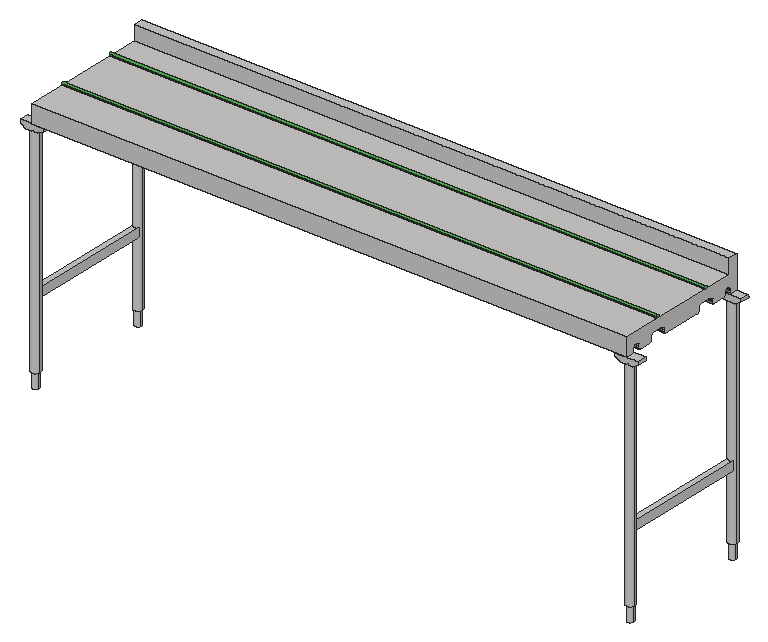
Revit family "QF_ELECTROLUXPROFESSIONAL_865126_HSCCTL20", category Attrezzature speciali, Revit 2020
Family settings
  Quota connettore circolare = Usa diametro
  Tipo di parte = Normale
  Basato su piano di lavoro = No
  Sempre verticale = Sì
  Taglio con vuoti quando caricato = No
  Condiviso = No
  Punto di calcolo locali = No
Parameters (values of type "Standard")
  Weight = 26.00 kg
  Watts = 0 W
  Volts = 0 V
  URL Manufacturer = "https://www.electroluxprofessional.com/"
  URL = "https://www.electroluxprofessional.com/"
  Steam Supply Size = 0 mm
  Steam Supply Minimum Pressure = 0.0 Pa
  Steam Supply Maximum Pressure = 0.0 Pa
  Steam Consumption per Hour = 0
  Show Clearance [instance] = yes
  Refrigeration Suction Line Size = 0 mm
  Refrigeration Liquid Line Size = 0 mm
  Refrigerant Compressor Remote = yes
  Prospetto di default = 0 mm
  Produttore = "Electrolux Professional"
  Phase = 0
  Modello = "HSCCTL20"
  Length Actual = 2000 mm  # constant formula
  Item Number = "865126"
  Hot Water Size = 0 mm
  Height Actual = 110 mm  # constant formula
  HP = "0 HP"
  Gas Size = 0 mm
  Gas KW = 0
  Gas Input Pressure = 0 W
  Direct Waste Size = 0 mm
  Description = "CORD CONVEYOR FOR TRAYS, SORTING (LOW EDGE), 2000 MM "
  Depth Actual = 460 mm  # constant formula
  Cycle = 0 Hz
  Condensate Return Size = 0 mm
  Compressed Air Volume = 0.0 L/s
  Compressed Air Size = 0 mm
  Compressed Air Pressure = 0.0 Pa
  Cold Water Size = 0 mm
  Accessory = yes
Reference planes
  plane 1 "Center (Front/Back)": y = 0
  plane 2: z = 0
  plane 3 "FRONT": y = -460
  plane 4 "LEFT": x = -126
  plane 5 "RIGHT": x = 1874
  plane 6: z = 800.5
  plane 7: x = 874
  plane 8: y = -230
  plane 9: z = 910.5
  plane 10: y = -130
  plane 11: y = -330
  plane 12: x = -126
  plane 13: z = 270.5
Forms (mm)
  Extrusion 1, solid, material "QF_Finishes_Stainless Steel"
    sketch origin (0, 0, 800.5) x (0, 1, 0) y (0, 0, 1)
      loop
        line (0, 110) -> (-30, 110) -> (-30, 60) -> (-460, 60) -> (-460, 0) -> (-442, 0)
        arc (-442, 0) -> (-437.05, 2.05) -> (-435, 7) r 7
        line (-435, 7) -> (-435, 12.5)
        arc (-435, 12.5) -> (-431.339, 21.339) -> (-422.5, 25) r 12.5
        arc (-422.5, 25) -> (-413.661, 21.339) -> (-410, 12.5) r 12.5
        line (-410, 12.5) -> (-410, 7)
        arc (-410, 7) -> (-407.95, 2.05) -> (-403, 0) r 7
        line (-403, 0) -> (-367, 0)
        arc (-367, 0) -> (-362.05, 2.05) -> (-360, 7) r 7
        line (-360, 7) -> (-360, 12.5)
        arc (-360, 12.5) -> (-356.339, 21.339) -> (-347.5, 25) r 12.5
        line (-347.5, 25) -> (-312.5, 25)
        arc (-312.5, 25) -> (-303.661, 21.339) -> (-300, 12.5) r 12.5
        line (-300, 12.5) -> (-300, 6.708)
        arc (-300, 6.708) -> (-298.612, 2.525) -> (-295, 0) r 7
        line (-295, 0) -> (-167, 0)
        arc (-167, 0) -> (-162.05, 2.05) -> (-160, 7) r 7
        line (-160, 7) -> (-160, 12.5)
        arc (-160, 12.5) -> (-156.339, 21.339) -> (-147.5, 25) r 12.5
        line (-147.5, 25) -> (-112.5, 25)
        arc (-112.5, 25) -> (-103.661, 21.339) -> (-100, 12.5) r 12.5
        line (-100, 12.5) -> (-100, 7)
        arc (-100, 7) -> (-97.95, 2.05) -> (-93, 0) r 7
        line (-93, 0) -> (-57, 0)
        arc (-57, 0) -> (-52.05, 2.05) -> (-50, 7) r 7
        line (-50, 7) -> (-50, 12.5)
        arc (-50, 12.5) -> (-46.339, 21.339) -> (-37.5, 25) r 12.5
        arc (-37.5, 25) -> (-28.661, 21.339) -> (-25, 12.5) r 12.5
        line (-25, 12.5) -> (-25, 7)
        arc (-25, 7) -> (-22.95, 2.05) -> (-18, 0) r 7
        line (-18, 0) -> (0, 0) -> (0, 110)
    from -126 to 1874
  Extrusion 2, solid, material "QF_Finishes_Green"
    sketch origin (0, 100, 800.5) x (0, 1, 0) y (0, 0, 1)
      loop
        circle (-230, 65) r 5
    from -126 to 1874
  Extrusion 3, solid, material "QF_Finishes_Green"
    sketch origin (0, -560, 800.5) x (0, -1, 0) y (0, 0, -1)
      loop
        circle (-230, -65) r 5
    from -126 to 1874
  Extrusion 4, solid, material "QF_Finishes_Stainless Steel"
    sketch origin (0, 250, 0) x (-1, 0, 0) y (0, 0, 1)
      loop
        line (166, 800.5) -> (86, 800.5) -> (86, 790.5) -> (106, 778.953) -> (146, 778.953) -> (166, 790.5) -> (166, 800.5)
    from -710 to -680
  Revolve 5, solid, material "QF_Finishes_Stainless Steel"
    sketch origin (0, -445, 0) x (-1, 0, 0) y (0, 0, 1)
      loop
        line (126, 778.953) -> (111, 778.953) -> (111, 50.5) -> (116, 50.5) -> (116, 0) -> (126, 0) -> (126, 778.953)
      axis (126, 778.953) -> (126, 0)
    angle from 0 to 360
  Extrusion 6, solid, material "QF_Finishes_Stainless Steel"
    sketch origin (0, 680, 0) x (-1, 0, 0) y (0, 0, 1)
      loop
        line (166, 800.5) -> (86, 800.5) -> (86, 790.5) -> (106, 778.953) -> (146, 778.953) -> (166, 790.5) -> (166, 800.5)
    from -710 to -680
  Revolve 7, solid, material "QF_Finishes_Stainless Steel"
    sketch origin (0, -15, 0) x (-1, 0, 0) y (0, 0, 1)
      loop
        line (126, 778.953) -> (111, 778.953) -> (111, 50.5) -> (116, 50.5) -> (116, 0) -> (126, 0) -> (126, 778.953)
      axis (126, 778.953) -> (126, 0)
    angle from 0 to 360
  Extrusion 8, solid, material "QF_Finishes_Stainless Steel"
    sketch origin (2000, 680, 0) x (-1, 0, 0) y (0, 0, 1)
      loop
        line (166, 800.5) -> (86, 800.5) -> (86, 790.5) -> (106, 778.953) -> (146, 778.953) -> (166, 790.5) -> (166, 800.5)
    from -710 to -680
  Revolve 9, solid, material "QF_Finishes_Stainless Steel"
    sketch origin (2000, -15, 0) x (-1, 0, 0) y (0, 0, 1)
      loop
        line (126, 778.953) -> (111, 778.953) -> (111, 50.5) -> (116, 50.5) -> (116, 0) -> (126, 0) -> (126, 778.953)
      axis (126, 778.953) -> (126, 0)
    angle from 0 to 360
  Extrusion 10, solid, material "QF_Finishes_Stainless Steel"
    sketch origin (2000, 250, 0) x (-1, 0, 0) y (0, 0, 1)
      loop
        line (166, 800.5) -> (86, 800.5) -> (86, 790.5) -> (106, 778.953) -> (146, 778.953) -> (166, 790.5) -> (166, 800.5)
    from -710 to -680
  Revolve 11, solid, material "QF_Finishes_Stainless Steel"
    sketch origin (2000, -445, 0) x (-1, 0, 0) y (0, 0, 1)
      loop
        line (126, 778.953) -> (111, 778.953) -> (111, 50.5) -> (116, 50.5) -> (116, 0) -> (126, 0) -> (126, 778.953)
      axis (126, 778.953) -> (126, 0)
    angle from 0 to 360
  Extrusion 12, solid, material "QF_Finishes_Stainless Steel"
    sketch origin (2010, 0, 128.154) x (0, 1, 0) y (0, 0, 1)
      loop
        line (-20, 172.346) -> (-440, 172.346) -> (-440, 142.346) -> (-20, 142.346) -> (-20, 172.346)
    from -146 to -126
  Extrusion 13, solid, material "QF_Finishes_Stainless Steel"
    sketch origin (-262, 0, 128.154) x (0, 1, 0) y (0, 0, -1)
      loop
        line (-20, -172.346) -> (-20, -142.346) -> (-440, -142.346) -> (-440, -172.346) -> (-20, -172.346)
    from -146 to -126
Dimensions and locks
  plane 4 "LEFT" to plane 5 "RIGHT" = 2000 mm
  plane 1 "Center (Front/Back)" to plane 3 "FRONT" = 460 mm  (x2)
  plane 5 "RIGHT" to plane 4 "LEFT" = 2000 mm
  plane 9 to level = 910.5 mm  (x2)
  plane 10 to plane 11 = 200 mm
  plane 6 to plane 9 = 110 mm
  plane 9 to plane 6 = 110 mm
  plane 9 to plane 13 = 640 mm
  aligned and locked: level to plane 2
